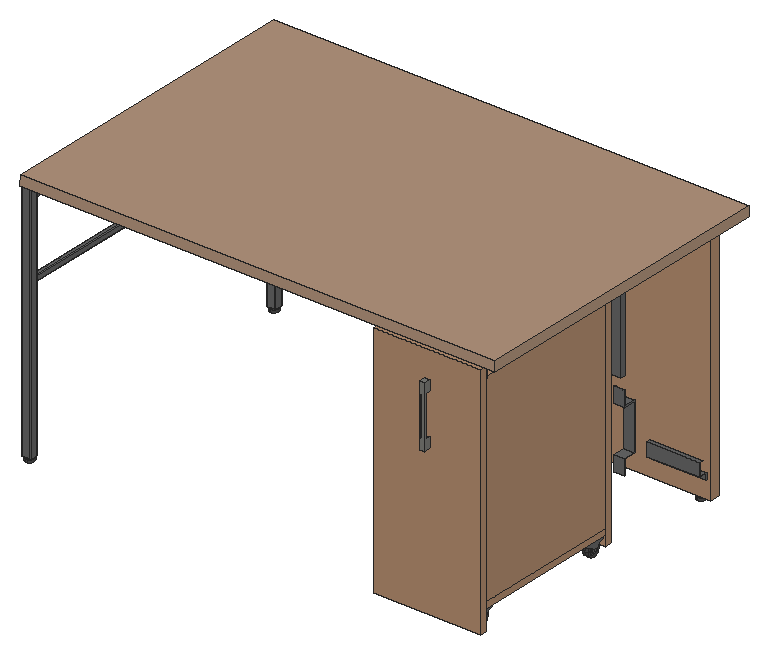
Revit family "Desks-Teknion-LWBDP_Byward_Desk_with_Pedestal-R2022", category Furniture, Revit 2022
Family settings
  OmniClass Number = 23.40.20.00
  OmniClass Title = General Furniture and Specialties
  Work Plane-Based = No
  Always vertical = Yes
  Cut with Voids When Loaded = No
  Render Appearance Source = Family Geometry
  Shared = Yes
  Room Calculation Point = No
Parameters (values of type "Rectangular Pull")
  Worksurface Finish [instance] = Source Laminate - Teknion - 3M - Provincial Oak (Cross Grain)
  Width [instance] = 54.000"
  Warranty = "http://www.teknion.com/ca/papers/legal-canada"
  Unit Weight URL = "http://www.teknion.com/ca/tools/assets#&asset=bee6a381-b954-425e-8283-5a2de3a804f2,f828d448-4b62-4231-9e5f-9a8991c0ed77"
  URL = "www.teknion.com"
  To render please download texture images found here [instance] = "https://assets.teknion.com/web/5e81352c1dfdb467/revit-material-swatches/"
  Sustainability Data = "https://www.teknion.com/ca/tools/assets#&topic=216f99a5-57a0-44fc-b10a-9dee9b29ae4c&asset=444deb64-fe58-4b68-981e-f75e97781df7,b4ff2d81-9f2e-437d-9659-7cffb09c31cf"
  Storage Back = 4.060"
  Series = "Byward"  # constant formula
  Rectangular Pull Handle = yes
  Modern Straight (ADA) Handle = no
  Journal Pull Handle = no
  Product Page URL = "https://www.teknion.com/ca/products/product-details?productLineId=87d0476f-8e7a-673b-a6c8-ff05004460c4"
  Product Line = "Byward"  # constant formula
  Product Documentation Link = "https://assets.teknion.com/m/d3f7903c0f9c31f/original/Byward-Reference-Guide.pdf"
  Part Number = "LWBDP"  # constant formula
  Modesty Panel & Pedestal Finish [instance] = Foundation Laminate - Teknion - YA - Anigre
  Model = "LWBDP_____"
  Metal Tab = 6.783"
  Manufacturer Phone = "416-661-3370"  # constant formula
  Manufacturer Fax = "416.661.4586"  # constant formula
  Manufacturer Contact Information = "http://www.teknion.com/ca/contactus"
  Manufacturer Address = "1150 Flint Road, Toronto, ON. M3J 2J5. Canada"  # constant formula
  Manufacturer = "Teknion"  # constant formula
  Byward Pull Handle = no
  How To Use Teknion Materials User Guide [instance] = "https://assets.teknion.com/m/205dd0a49fa58060/original/How-to-add-a-Material-Library-and-Texture-Images-to-your-Revit-project.pdf"
  Handle Paint Finish [instance] = Paint - Teknion - Mica - Anthracite
  Handle Leather Finish [instance] = Leather-Teknion-N68-Natural
  Handle Finish Note [instance] = "If Natural Leather is specified for the Handle Leather Finish, choose Anthracite for the Handle Paint Finish. If Black Leather is specified for the Handle Leather Finish, choose Titanium Grey for the Handle Paint Finish."  # constant formula
  Gable Cutout = 2.440"
  For Additional Finishes please visit [instance] = "https://assets.teknion.com/m/44a8009b046e5d47/original/Teknion_Materials_Library.zip"
  Description = "Byward Desk with Pedestal, Rectangular Pull Handle"
  Depth [instance] = 36.000"
  Default Elevation = 0.000"
  Available Widths [instance] = "54\", 60\", 66\" and 72\""  # constant formula
  Available Depth [instance] = "24\", 30\" and 36\""  # constant formula
  Assembly Code = "E2020200"
Reference planes (in)
  plane 1 "Center Front/Back": y = 0
  plane 2: z = 0
  plane 3 "Center Left/Right": x = 0
  plane 4 "Left": x = -27
  plane 5 "Right": x = 27
  plane 6 "Back": y = 18
  plane 7 "Front": y = -18
  plane 8 "Top": z = 29.0595
  plane 9: y = 13.94
  plane 10: y = -15.63529
  plane 11: y = 0.14424
  plane 12 "Wheel Center": z = 0.7874
Forms (in)
  Sweep 1, solid, material "Source Laminate - Teknion - 3M - Provincial Oak (Cross Grain)" <- "Worksurface Finish"
    path origin (0, 0, 0) x (1, 0, 0) y (0, 0, 1)
      loop
        line (0, 27.9995) -> (0, 29.0595)
    profile origin (0, 0, 28.5295) x (-1, 0, 0) y (0, -1, 0)
      loop
        line (27, 18) -> (-27, 18) -> (-27, -18) -> (27, -18) -> (27, 18)
  Sweep 2, solid, material "Foundation Laminate - Teknion - YA - Anigre" <- "Modesty Panel & Pedestal Finish"
    path origin (0, 0, 0) x (1, 0, 0) y (0, 1, 0)
      loop
        line (0, 13.75) -> (0, 12.69)
    profile origin (0, 13.22, 0) x (1, 0, 0) y (0, 0, 1)
      loop
        line (-25.9, 17.9995) -> (12.9941, 17.9995) -> (12.9941, 27.9995) -> (5, 27.9995)
        arc (5, 27.9995) -> (4.03175, 27.83895) -> (3.16714, 27.3745) r 3
        arc (3.16714, 27.3745) -> (2.30253, 26.91005) -> (1.33428, 26.7495) r 3
        line (1.33428, 26.7495) -> (-1.33428, 26.7495)
        arc (-1.33428, 26.7495) -> (-2.30253, 26.91005) -> (-3.16714, 27.3745) r 3
        arc (-3.16714, 27.3745) -> (-4.03175, 27.83895) -> (-5, 27.9995) r 3
        line (-5, 27.9995) -> (-21.25208, 27.9995)
        arc (-21.25208, 27.9995) -> (-21.86446, 27.93634) -> (-22.45104, 27.7495) r 3
        arc (-22.45104, 27.7495) -> (-23.03763, 27.56266) -> (-23.65, 27.4995) r 3
        line (-23.65, 27.4995) -> (-25.9, 27.4995) -> (-25.9, 17.9995)
  Sweep 3, solid, material "Foundation Laminate - Teknion - YA - Anigre" <- "Modesty Panel & Pedestal Finish"
    path origin (0, 0, 0) x (1, 0, 0) y (0, 1, 0)
      loop
        line (13, 0) -> (14.06, 0)
    profile origin (13.53, 0, 0) x (0, 1, 0) y (0, 0, 1)
      loop
        line (13.94, 27.9995) -> (5.94, 27.9995) -> (5.94, 27.2495)
        arc (5.94, 27.2495) -> (5.79355, 26.89595) -> (5.44, 26.7495) r 0.5
        line (5.44, 26.7495) -> (2.94, 26.7495)
        arc (2.94, 26.7495) -> (2.58645, 26.89595) -> (2.44, 27.2495) r 0.5
        line (2.44, 27.2495) -> (2.44, 27.9995) -> (-17, 27.9995) -> (-17, 0.4995) -> (13.94, 0.4995) -> (13.94, 27.9995)
  Sweep 4, solid, material "Paint-Teknion-23-Z-Foundation-Foundry Onyx"
    path origin (0, 0, 0) x (1, 0, 0) y (0, 0, 1)
      loop
        line (0, 0.4375) -> (0, 27.9995)
    profile origin (0, 0, 14.2185) x (-1, 0, 0) y (0, -1, 0)
      loop
        arc (26.81, 16.9) -> (26.87364, 16.92636) -> (26.9, 16.99) r 0.09
        line (26.9, 16.99) -> (26.9, 17.81)
        arc (26.9, 17.81) -> (26.87364, 17.87364) -> (26.81, 17.9) r 0.09
        line (26.81, 17.9) -> (25.99, 17.9)
        arc (25.99, 17.9) -> (25.92636, 17.87364) -> (25.9, 17.81) r 0.09
        line (25.9, 17.81) -> (25.9, 16.99)
        arc (25.9, 16.99) -> (25.92636, 16.92636) -> (25.99, 16.9) r 0.09
        line (25.99, 16.9) -> (26.81, 16.9)
      loop
        arc (26.81, -17.9) -> (26.87364, -17.87364) -> (26.9, -17.81) r 0.09
        line (26.9, -17.81) -> (26.9, -16.99)
        arc (26.9, -16.99) -> (26.87364, -16.92636) -> (26.81, -16.9) r 0.09
        line (26.81, -16.9) -> (25.99, -16.9)
        arc (25.99, -16.9) -> (25.92636, -16.92636) -> (25.9, -16.99) r 0.09
        line (25.9, -16.99) -> (25.9, -17.81)
        arc (25.9, -17.81) -> (25.92636, -17.87364) -> (25.99, -17.9) r 0.09
        line (25.99, -17.9) -> (26.81, -17.9)
  Sweep 5, solid, material "Paint-Teknion-23-Z-Foundation-Foundry Onyx"
    path origin (0, 0, 0) x (1, 0, 0) y (0, 1, 0)
      loop
        line (0, -16.9) -> (0, 16.9)
    profile origin (0, 0, 0) x (-1, 0, 0) y (0, 0, 1)
      loop
        arc (26.1775, 18.5935) -> (26.11386, 18.56714) -> (26.0875, 18.5035) r 0.09
        line (26.0875, 18.5035) -> (26.0875, 18.0585)
        arc (26.0875, 18.0585) -> (26.11386, 17.99486) -> (26.1775, 17.9685) r 0.09
        line (26.1775, 17.9685) -> (26.6225, 17.9685)
        arc (26.6225, 17.9685) -> (26.68614, 17.99486) -> (26.7125, 18.0585) r 0.09
        line (26.7125, 18.0585) -> (26.7125, 18.5035)
        arc (26.7125, 18.5035) -> (26.68614, 18.56714) -> (26.6225, 18.5935) r 0.09
        line (26.6225, 18.5935) -> (26.1775, 18.5935)
  Sweep 6, solid, material "Paint-Teknion-23-Z-Foundation-Foundry Onyx"
    path origin (0, 0, 0) x (1, 0, 0) y (0, 0, 1)
      loop
        line (0, 17.9085) -> (0, 17.9685)
    profile origin (0, 0, 17.9385) x (-1, 0, 0) y (0, -1, 0)
      loop
        line (24.744, -7.658) -> (26.181, -7.658) -> (26.181, -7.8455)
        arc (26.181, -7.8455) -> (26.21761, -7.93389) -> (26.306, -7.9705) r 0.125
        line (26.306, -7.9705) -> (26.494, -7.9705)
        arc (26.494, -7.9705) -> (26.58239, -7.93389) -> (26.619, -7.8455) r 0.125
        line (26.619, -7.8455) -> (26.619, -6.5955)
        arc (26.619, -6.5955) -> (26.58239, -6.50711) -> (26.494, -6.4705) r 0.125
        line (26.494, -6.4705) -> (26.306, -6.4705)
        arc (26.306, -6.4705) -> (26.21761, -6.50711) -> (26.181, -6.5955) r 0.125
        line (26.181, -6.5955) -> (26.181, -6.783) -> (24.744, -6.783)
        arc (24.744, -6.783) -> (24.65561, -6.81961) -> (24.619, -6.908) r 0.125
        line (24.619, -6.908) -> (24.619, -7.533)
        arc (24.619, -7.533) -> (24.65561, -7.62139) -> (24.744, -7.658) r 0.125
  Sweep 7, solid, material "Paint-Teknion-23-Z-Foundation-Foundry Onyx"
    path origin (0, 0, 0) x (1, 0, 0) y (0, 1, 0)
      loop
        line (0, -16.9) -> (0, 16.9)
    profile origin (0, 0, 0) x (-1, 0, 0) y (0, 0, 1)
      loop
        line (26.7125, 26.2495) -> (26.7125, 27.7315)
        arc (26.7125, 27.7315) -> (26.634, 27.921) -> (26.4445, 27.9995) r 0.268
        line (26.4445, 27.9995) -> (22.4625, 27.9995) -> (22.4625, 27.8655) -> (26.4445, 27.8655)
        arc (26.4445, 27.8655) -> (26.53925, 27.82625) -> (26.5785, 27.7315) r 0.134
        line (26.5785, 27.7315) -> (26.5785, 26.2495) -> (26.7125, 26.2495)
  Sweep 8, void
    path origin (0, 0, 0) x (1, 0, 0) y (0, 0, 1)
      loop
        line (0, 27.9995) -> (0, 26.4995)
    profile origin (0, 0, 27.2495) x (0, -1, 0) y (1, 0, 0)
      loop
        arc (-15.78962, -23.37162) -> (-15.23664, -22.71024) -> (-14.41091, -22.4625) r 1.5
        line (-14.41091, -22.4625) -> (-16.9, -22.4625) -> (-16.9, -25.9625) -> (-15.78962, -23.37162)
      loop
        line (16.9, -25.9625) -> (16.9, -22.4625) -> (14.41091, -22.4625)
        arc (14.41091, -22.4625) -> (15.23664, -22.71024) -> (15.78962, -23.37162) r 1.5
        line (15.78962, -23.37162) -> (16.9, -25.9625)
  Sweep 9, solid, material "Paint-Teknion-23-Z-Foundation-Foundry Onyx"
    path origin (0, 0, 0) x (1, 0, 0) y (0, 1, 0)
      loop
        line (0, 14.365) -> (0, 14.231)
    profile origin (0, 14.298, 0) x (1, 0, 0) y (0, 0, 1)
      loop
        line (-26.3905, 26.3655) -> (-23.5785, 27.6775) -> (-23.5785, 27.8655) -> (-25.0155, 27.8655) -> (-25.0155, 27.9595) -> (-25.3905, 27.9595) -> (-25.3905, 27.8655) -> (-26.3905, 27.8655) -> (-26.5785, 27.6775) -> (-26.5785, 26.3655) -> (-26.3905, 26.3655)
  Sweep 10, solid, material "Paint-Teknion-23-Z-Foundation-Foundry Onyx"
    path origin (0, 0, 0) x (1, 0, 0) y (0, 1, 0)
      loop
        line (0, -14.365) -> (0, -14.231)
    profile origin (0, -14.298, 0) x (-1, 0, 0) y (0, 0, 1)
      loop
        line (26.3905, 26.3655) -> (26.5785, 26.3655) -> (26.5785, 27.6775) -> (26.3905, 27.8655) -> (25.3905, 27.8655) -> (25.3905, 27.9595) -> (25.0155, 27.9595) -> (25.0155, 27.8655) -> (23.5785, 27.8655) -> (23.5785, 27.6775) -> (26.3905, 26.3655)
  Sweep 11, solid, material "Paint-Teknion-23-Z-Foundation-Foundry Onyx"
    path origin (0, 0, 0) x (1, 0, 0) y (0, 0, 1)
      loop
        line (0, 0.4395) -> (0, 0.4995)
    profile origin (0, 0, 0.4695) x (-1, 0, 0) y (0, -1, 0)
      loop
        line (-13.1363, 13.5315) -> (-13.1363, 16.6811) -> (-13.9237, 16.6811) -> (-13.9237, 13.5315) -> (-13.1363, 13.5315)
      loop
        line (-13.1363, -10.4715) -> (-13.9237, -10.4715) -> (-13.9237, -13.6211) -> (-13.1363, -13.6211) -> (-13.1363, -10.4715)
      loop
        line (-22.5315, -14.0763) -> (-25.6811, -14.0763) -> (-25.6811, -14.8637) -> (-22.5315, -14.8637) -> (-22.5315, -14.0763)
  Sweep 12, solid, material "Plastic - Teknion - E - Ebony"
    path origin (0, 0, 0) x (1, 0, 0) y (0, 0, 1)
      loop
        line (0, 0.215) -> (0, 0)
    profile origin (0, 0, 0.1075) x (0, -1, 0) y (1, 0, 0)
      loop
        circle (17.4, -26.4) r 0.5
      loop
        circle (-17.4, -26.4) r 0.5
      loop
        circle (-12.4375, 13.52447) r 0.5
      loop
        circle (15.50314, 13.52447) r 0.5
      loop
        circle (-14.46998, 24.49945) r 0.5
  Sweep 13, solid, material "Plastic - Teknion - E - Ebony"
    path origin (0, 0, 0) x (1, 0, 0) y (0, 0, 1)
      loop
        line (0, 0.215) -> (0, 0.4375)
    profile origin (0, 0, 0.32625) x (-1, 0, 0) y (0, -1, 0)
      loop
        line (26.715, 17.21813) -> (26.715, 17.58187) -> (26.4, 17.76373) -> (26.085, 17.58187) -> (26.085, 17.21813) -> (26.4, 17.03627) -> (26.715, 17.21813)
      loop
        line (26.715, -17.58187) -> (26.715, -17.21813) -> (26.4, -17.03627) -> (26.085, -17.21813) -> (26.085, -17.58187) -> (26.4, -17.76373) -> (26.715, -17.58187)
      loop
        line (-13.21495, -12.62185) -> (-13.21495, -12.25812) -> (-13.52995, -12.07625) -> (-13.84495, -12.25812) -> (-13.84495, -12.62185) -> (-13.52995, -12.80371) -> (-13.21495, -12.62185)
      loop
        line (-13.21495, 15.31757) -> (-13.21495, 15.68131) -> (-13.52995, 15.86317) -> (-13.84495, 15.68131) -> (-13.84495, 15.31757) -> (-13.52995, 15.13571) -> (-13.21495, 15.31757)
      loop
        line (-24.18495, -14.65185) -> (-24.18495, -14.28812) -> (-24.49995, -14.10625) -> (-24.81495, -14.28812) -> (-24.81495, -14.65185) -> (-24.49995, -14.83371) -> (-24.18495, -14.65185)
  Sweep 14, solid, material "Foundation Laminate - Teknion - YA - Anigre" <- "Modesty Panel & Pedestal Finish"
    path origin (0, 0, 0) x (1, 0, 0) y (0, 0, 1)
      loop
        line (0, 0.4995) -> (0, 27.9995)
    profile origin (0, 0, 14.2495) x (-1, 0, 0) y (0, -1, 0)
      loop
        line (-26, -15) -> (-13, -15) -> (-13, -13.94) -> (-26, -13.94) -> (-26, -15)
  Sweep 15, solid, material "Foundation Laminate - Teknion - YA - Anigre" <- "Modesty Panel & Pedestal Finish"
    path origin (0, 0, 0) x (1, 0, 0) y (0, 0, 1)
      loop
        line (0, 0.56791) -> (0, 26.31791)
    profile origin (0, 0, 13.44291) x (-1, 0, 0) y (0, -1, 0)
      loop
        line (-14.25, -2.25447) -> (-14.25, -1.54975) -> (-24, -1.54975) -> (-24, -2.25447) -> (-14.25, -2.25447)
  Sweep 16, solid, material "Foundation Laminate - Teknion - YA - Anigre" <- "Modesty Panel & Pedestal Finish"
    path origin (0, 0, 0) x (1, 0, 0) y (0, 1, 0)
      loop
        line (0, -17.07525) -> (0, 1.54975)
    profile origin (0, -7.76275, 0) x (-1, 0, 0) y (0, 0, 1)
      loop
        line (-23.29528, 25.31791) -> (-24, 25.31791) -> (-24, 2.39764) -> (-23.29528, 2.39764) -> (-23.29528, 25.31791)
      loop
        line (-14.25, 2.89764) -> (-14.95472, 2.89764) -> (-14.95472, 0.56791) -> (-14.25, 0.56791) -> (-14.25, 2.89764)
  Sweep 17, solid, material "Foundation Laminate - Teknion - YA - Anigre" <- "Modesty Panel & Pedestal Finish"
    path origin (0, 0, 0) x (1, 0, 0) y (0, 1, 0)
      loop
        line (0, -17.07525) -> (0, 1.54975)
    profile origin (0, -7.76275, 0) x (-1, 0, 0) y (0, 0, 1)
      loop
        line (-24, 2.39764) -> (-24, 1.69291) -> (-14.95472, 1.69291) -> (-14.95472, 2.39764) -> (-24, 2.39764)
      loop
        line (-23.29528, 21.56791) -> (-23.29528, 20.86319) -> (-14.501, 20.86319) -> (-14.501, 21.56791) -> (-23.29528, 21.56791)
  Sweep 18, solid, material "Foundation Laminate - Teknion - YA - Anigre" <- "Modesty Panel & Pedestal Finish"
    path origin (0, 0, 0) x (1, 0, 0) y (0, 1, 0)
      loop
        line (0, -17.77998) -> (0, -17.07525)
    profile origin (0, -17.42761, 0) x (-1, 0, 0) y (0, 0, 1)
      loop
        line (-25.25, 27.49991) -> (-25.25, 0.4995) -> (-13, 0.4995) -> (-13, 27.49991) -> (-25.25, 27.49991)
  Sweep 19, solid, material "Paint-Teknion-23-Z-Foundation-Foundry Onyx"
    path origin (0, 0, 0) x (1, 0, 0) y (0, 1, 0)
      loop
        line (14.06, 0) -> (25.2278, 0)
    profile origin (19.6439, 0, 0) x (0, 1, 0) y (0, 0, 1)
      loop
        line (-16.25, 27.9995) -> (-16.9, 27.9995)
        arc (-16.9, 27.9995) -> (-16.97071, 27.97021) -> (-17, 27.8995) r 0.1
        line (-17, 27.8995) -> (-17, 26.2495) -> (-16.9393, 26.2495) -> (-16.9393, 27.8895)
        arc (-16.9393, 27.8895) -> (-16.92466, 27.92486) -> (-16.8893, 27.9395) r 0.05
        line (-16.8893, 27.9395) -> (-16.25, 27.9395) -> (-16.25, 27.9995)
  Sweep 20, solid, material "Paint-Teknion-23-Z-Foundation-Foundry Onyx"
    path origin (0, 0, 0) x (1, 0, 0) y (0, 1, 0)
      loop
        line (0, 1.54975) -> (0, -18)
    profile origin (0, -8.22513, 0) x (1, 0, 0) y (0, 0, 1)
      loop
        line (15.1624, 0) -> (15.1624, 1.63386) -> (15.99705, 1.63386) -> (15.99705, 0) -> (16.0561, 0) -> (16.0561, 1.69291) -> (15.10335, 1.69291) -> (15.10335, 0) -> (15.1624, 0)
      loop
        line (22.95768, 0) -> (22.95768, 1.63386) -> (23.79232, 1.63386) -> (23.79232, 0) -> (23.85138, 0) -> (23.85138, 1.69291) -> (22.89862, 1.69291) -> (22.89862, 0) -> (22.95768, 0)
  Sweep 21, void
    path origin (0, 0, 0) x (1, 0, 0) y (0, 1, 0)
      loop
        line (13, 0) -> (27, 0)
    profile origin (20, 0, 0) x (0, 1, 0) y (0, 0, 1)
      loop
        line (1.28991, 1.69291) -> (1.28991, 1.47446)
        arc (1.28991, 1.47446) -> (1.27394, 1.43408) -> (1.23468, 1.41553) r 0.05906
        arc (1.23468, 1.41553) -> (0.74434, 1.21975) -> (0.46349, 0.77266) r 0.85204
        arc (0.46349, 0.77266) -> (0.14424, 0.52362) -> (-0.17501, 0.77266) r 0.32915
        arc (-0.17501, 0.77266) -> (-0.45586, 1.21975) -> (-0.9462, 1.41553) r 0.85204
        arc (-0.9462, 1.41553) -> (-0.98547, 1.43408) -> (-1.00143, 1.47446) r 0.05906
        line (-1.00143, 1.47446) -> (-1.00143, 1.69291) -> (-14.48962, 1.69291) -> (-14.48962, 1.47446)
        arc (-14.48962, 1.47446) -> (-14.50559, 1.43408) -> (-14.54485, 1.41553) r 0.05906
        arc (-14.54485, 1.41553) -> (-15.03519, 1.21975) -> (-15.31604, 0.77266) r 0.85204
        arc (-15.31604, 0.77266) -> (-15.63529, 0.52362) -> (-15.95454, 0.77266) r 0.32915
        arc (-15.95454, 0.77266) -> (-16.23539, 1.21975) -> (-16.72573, 1.41553) r 0.85204
        arc (-16.72573, 1.41553) -> (-16.76499, 1.43408) -> (-16.78096, 1.47446) r 0.05906
        line (-16.78096, 1.47446) -> (-16.78096, 1.69291) -> (-18, 1.69291) -> (-18, 0) -> (1.54975, 0) -> (1.54975, 1.69291) -> (1.28991, 1.69291)
  Sweep 22, solid, material "Paint-Teknion-23-Z-Foundation-Foundry Onyx"
    path origin (0, 0, 0) x (1, 0, 0) y (0, 0, 1)
      loop
        line (0, 26.4995) -> (0, 27.9995)
    profile origin (0, 0, 27.2495) x (-1, 0, 0) y (0, -1, 0)
      loop
        line (-19.6413, 16.157) -> (-19.6413, -3.783) -> (-19.5813, -3.783) -> (-19.5813, 16.217) -> (-21.3403, 16.217) -> (-21.3403, -3.783) -> (-21.2803, -3.783) -> (-21.2803, 16.157) -> (-19.6413, 16.157)
  Sweep 23, solid, material "Paint-Teknion-23-Z-Foundation-Foundry Onyx"
    path origin (0, 0, 0) x (1, 0, 0) y (0, 1, 0)
      loop
        line (0, 3.783) -> (0, -16.217)
    profile origin (0, -6.217, 0) x (1, 0, 0) y (0, 0, 1)
      loop
        line (19.5813, 27.9995) -> (19.5813, 27.9395) -> (21.3403, 27.9395) -> (21.3403, 27.9995) -> (19.5813, 27.9995)
  Sweep 24, solid, material "Paint-Teknion-23-Z-Foundation-Foundry Onyx"
    path origin (0, 0, 0) x (1, 0, 0) y (0, 0, 1)
      loop
        line (0, 27.6385) -> (0, 23.6385)
    profile origin (0, 0, 25.6385) x (0, -1, 0) y (1, 0, 0)
      loop
        line (-3.625, 19.7708) -> (-3.625, 19.7108) -> (-2.25, 19.7108) -> (-2.25, 21.2108) -> (-3.625, 21.2108) -> (-3.625, 21.1508) -> (-2.31, 21.1508) -> (-2.31, 19.7708) -> (-3.625, 19.7708)
  Revolve 25, solid, material "Plastic - Teknion - E - Ebony"
    sketch origin (0, 0, 0.7874) x (0, -1, 0) y (1, 0, 0)
      loop
        line (14.85961, 15.24508) -> (15.00536, 15.24508) -> (15.03919, 15.52067) -> (15.39461, 15.52067) -> (15.41872, 15.24508) -> (15.63529, 15.24508) -> (15.63529, 15.9143) -> (15.41872, 15.9143) -> (15.39461, 15.63871) -> (15.03919, 15.63871) -> (15.00536, 15.9143) -> (14.85961, 15.9143) -> (14.84759, 15.57969) -> (14.85961, 15.24508)
      loop
        line (14.85961, 23.04035) -> (15.00536, 23.04035) -> (15.03919, 23.31594) -> (15.39461, 23.31594) -> (15.41872, 23.04035) -> (15.63529, 23.04035) -> (15.63529, 23.70957) -> (15.41872, 23.70957) -> (15.39461, 23.43398) -> (15.03919, 23.43398) -> (15.00536, 23.70957) -> (14.85961, 23.70957) -> (14.84759, 23.37496) -> (14.85961, 23.04035)
      axis (15.63529, 15.24508) -> (15.63529, 23.70957)
    angle from 0 to 360
  Revolve 26, solid, material "Plastic - Teknion - E - Ebony"
    sketch origin (0, 0, 0.7874) x (0, -1, 0) y (1, 0, 0)
      loop
        line (-0.91991, 15.24508) -> (-0.77417, 15.24508) -> (-0.74033, 15.52067) -> (-0.38492, 15.52067) -> (-0.36081, 15.24508) -> (-0.14424, 15.24508) -> (-0.14424, 15.9143) -> (-0.36081, 15.9143) -> (-0.38492, 15.63871) -> (-0.74033, 15.63871) -> (-0.77417, 15.9143) -> (-0.91991, 15.9143) -> (-0.93194, 15.57969) -> (-0.91991, 15.24508)
      loop
        line (-0.91991, 23.04035) -> (-0.77417, 23.04035) -> (-0.74033, 23.31594) -> (-0.38492, 23.31594) -> (-0.36081, 23.04035) -> (-0.14424, 23.04035) -> (-0.14424, 23.70957) -> (-0.36081, 23.70957) -> (-0.38492, 23.43398) -> (-0.74033, 23.43398) -> (-0.77417, 23.70957) -> (-0.91991, 23.70957) -> (-0.93194, 23.37496) -> (-0.91991, 23.04035)
      axis (-0.14424, 15.24508) -> (-0.14424, 23.70957)
    angle from 0 to 360
  Sweep 27, solid, material "Paint-Teknion-23-Z-Foundation-Foundry Onyx"
    path origin (0, 0, 0.7874) x (0, -1, 0) y (1, 0, 0)
      loop
        line (0, 22.83957) -> (0, 23.91036)
    profile origin (23.37496, 0, 0.7874) x (0, 1, 0) y (0, 0, 1)
      loop
        circle (0.14424, 0) r 0.1
      loop
        circle (-15.63529, 0) r 0.1
  Sweep 28, solid, material "Paint-Teknion-23-Z-Foundation-Foundry Onyx"
    path origin (0, 0, 0.7874) x (0, -1, 0) y (1, 0, 0)
      loop
        line (0, 15.04429) -> (0, 16.11509)
    profile origin (15.57969, 0, 0.7874) x (0, 1, 0) y (0, 0, 1)
      loop
        circle (0.14424, 0) r 0.1
      loop
        circle (-15.63529, 0) r 0.1
  Sweep 29, solid, material "Leather-Teknion-N68-Natural" <- "Handle Leather Finish", visible <- "Byward Pull Handle"
    path origin (0, 6.09972, 0.7874) x (0, -1, 0) y (1, 0, 0)
      loop
        line (6, 18.625) -> (6, 19.625)
    profile origin (19.125, 0.09972, 0.7874) x (0, 1, 0) y (0, 0, 1)
      loop
        line (-18.1947, 17.25949) -> (-18.1947, 16.56214)
        arc (-18.1947, 16.56214) -> (-18.15679, 16.47063) -> (-18.06527, 16.43272) r 0.12943
        line (-18.06527, 16.43272) -> (-18.00913, 16.43272)
        arc (-18.00913, 16.43272) -> (-17.91544, 16.47279) -> (-17.8797, 16.56821) r 0.12956
        line (-17.8797, 16.56821) -> (-17.8797, 17.25949) -> (-17.97813, 17.25949) -> (-17.97813, 16.56214)
        arc (-17.97813, 16.56214) -> (-17.9872, 16.54022) -> (-18.00913, 16.53114) r 0.031
        line (-18.00913, 16.53114) -> (-18.06527, 16.53114)
        arc (-18.06527, 16.53114) -> (-18.0872, 16.54022) -> (-18.09627, 16.56214) r 0.031
        line (-18.09627, 16.56214) -> (-18.09627, 17.25949) -> (-18.11823, 17.82483)
        spline (-18.11823, 17.82483) -> (-18.1996, 18.48945) -> (-18.24784, 18.89602) -> (-18.27391, 19.14542) -> (-18.2887, 19.33795) -> (-18.29939, 19.53776) -> (-18.30725, 19.75149) -> (-18.31302, 19.98067) -> (-18.3155, 20.23483) -> (-18.3067, 20.55101) -> (-18.27717, 20.97214) -> (-18.2175, 21.54114) -> (-18.11823, 22.30095)
        line (-18.11823, 22.30095) -> (-18.0967, 22.86433) -> (-18.0967, 23.5625)
        arc (-18.0967, 23.5625) -> (-18.0875, 23.58472) -> (-18.06527, 23.59392) r 0.03143
        line (-18.06527, 23.59392) -> (-18.00913, 23.59392)
        arc (-18.00913, 23.59392) -> (-17.9869, 23.58472) -> (-17.9777, 23.5625) r 0.03143
        line (-17.9777, 23.5625) -> (-17.9777, 22.86558) -> (-17.8797, 22.86558) -> (-17.8797, 23.54792)
        arc (-17.8797, 23.54792) -> (-17.91216, 23.64904) -> (-18.00913, 23.69235) r 0.1302
        line (-18.00913, 23.69235) -> (-18.06527, 23.69235)
        arc (-18.06527, 23.69235) -> (-18.16224, 23.64904) -> (-18.1947, 23.54792) r 0.1302
        line (-18.1947, 23.54792) -> (-18.1947, 22.87546) -> (-18.21666, 22.30095)
        spline (-18.21666, 22.30095) -> (-18.31592, 21.54114) -> (-18.3756, 20.97214) -> (-18.40512, 20.55101) -> (-18.41393, 20.23483) -> (-18.41145, 19.98067) -> (-18.40567, 19.75149) -> (-18.39782, 19.53776) -> (-18.38713, 19.33795) -> (-18.37234, 19.14542) -> (-18.34627, 18.89602) -> (-18.29802, 18.48945) -> (-18.21666, 17.82483)
        line (-18.21666, 17.82483) -> (-18.1947, 17.25949)
  Sweep 30, solid, material "Paint - Teknion - Mica - Anthracite" <- "Handle Paint Finish", visible <- "Byward Pull Handle"
    path origin (0, 0, 0) x (1, 0, 0) y (0, 1, 0)
      loop
        line (18.625, -17.77998) -> (18.625, -18.09525) -> (19.625, -18.09525) -> (19.625, -17.77998)
    profile origin (19.125, -18.09525, 0) x (0, 1, 0) y (0, 0, 1)
      loop
        spline (-0.15539, 24.25384) -> (-0.15002, 24.20917) -> (-0.14562, 24.16493) -> (-0.1422, 24.12111) -> (-0.13975, 24.07772) -> (-0.13828, 24.03476) -> (-0.1378, 23.99222) -> (-0.13828, 23.95011) -> (-0.13975, 23.90843) -> (-0.1422, 23.86718) -> (-0.14562, 23.82635) -> (-0.15002, 23.78595) -> (-0.15539, 23.74598)
        line (-0.15539, 23.74598) -> (-0.09815, 23.74448) -> (-0.09815, 23.66626) -> (-0.02024, 23.66422) -> (-0.02024, 24.33561) -> (-0.09815, 24.33357) -> (-0.09815, 24.25534) -> (-0.15539, 24.25384)
      loop
        spline (-0.15539, 17.95507) -> (-0.15002, 17.9104) -> (-0.14562, 17.86615) -> (-0.1422, 17.82234) -> (-0.13975, 17.77895) -> (-0.13828, 17.73598) -> (-0.1378, 17.69345) -> (-0.13828, 17.65134) -> (-0.13975, 17.60966) -> (-0.1422, 17.56841) -> (-0.14562, 17.52758) -> (-0.15002, 17.48718) -> (-0.15539, 17.44721)
        line (-0.15539, 17.44721) -> (-0.09815, 17.44571) -> (-0.09815, 17.36749) -> (-0.02024, 17.36545) -> (-0.02024, 18.03684) -> (-0.09815, 18.0348) -> (-0.09815, 17.95657) -> (-0.15539, 17.95507)
  Sweep 31, solid, material "Paint-Teknion-23-Z-Foundation-Foundry Onyx"
    path origin (0, 0, 0) x (1, 0, 0) y (0, 0, 1)
      loop
        line (0, 9.9995) -> (0, 25.9995)
    profile origin (0, 0, 17.9995) x (-1, 0, 0) y (0, -1, 0)
      loop
        line (-16.3528, -13.1917) -> (-14.9248, -13.1917) -> (-14.9248, -14.1557) -> (-14.1748, -14.1557) -> (-14.1748, -14.1197) -> (-14.8888, -14.1197) -> (-14.8888, -13.1557) -> (-16.3888, -13.1557) -> (-16.3888, -13.6557) -> (-16.3528, -13.6557) -> (-16.3528, -13.1917)
  Sweep 32, solid, material "Paint-Teknion-23-Z-Foundation-Foundry Onyx"
    path origin (0, 0, 0) x (1, 0, 0) y (0, 1, 0)
      loop
        line (16.1248, 0) -> (17.3748, 0)
    profile origin (16.7498, 0, 0) x (0, 1, 0) y (0, 0, 1)
      loop
        line (12.515, 7.6995) -> (12.515, 9.3745) -> (12.44, 9.3745) -> (12.44, 7.6245) -> (13.865, 7.6245) -> (13.865, 2.3745) -> (12.44, 2.3745) -> (12.44, 0.6245) -> (12.515, 0.6245) -> (12.515, 2.2995) -> (13.94, 2.2995) -> (13.94, 7.6995) -> (12.515, 7.6995)
  Sweep 33, solid, material "Paint-Teknion-23-Z-Foundation-Foundry Onyx"
    path origin (0, 0, 0) x (1, 0, 0) y (0, 1, 0)
      loop
        line (19.4998, 0) -> (25.4998, 0)
    profile origin (22.4998, 0, 0) x (0, 1, 0) y (0, 0, 1)
      loop
        line (13.44, 4.6385) -> (12.94, 4.6385) -> (12.94, 3.1385) -> (13.904, 3.1385) -> (13.904, 2.4245) -> (13.94, 2.4245) -> (13.94, 3.1745) -> (12.976, 3.1745) -> (12.976, 4.6025) -> (13.44, 4.6025) -> (13.44, 4.6385)
  Sweep 34, solid, material "Paint-Teknion-23-Z-Foundation-Foundry Onyx"
    path origin (0, 0, 0) x (1, 0, 0) y (0, 1, 0)
      loop
        line (0, -17.07525) -> (0, 1.54975)
    profile origin (0, -7.76275, 0) x (-1, 0, 0) y (0, 0, 1)
      loop
        arc (-14.59031, 24.44224) -> (-14.52668, 24.4686) -> (-14.50031, 24.53224) r 0.09
        line (-14.50031, 24.53224) -> (-14.50031, 24.97724)
        arc (-14.50031, 24.97724) -> (-14.52668, 25.04088) -> (-14.59031, 25.06724) r 0.09
        line (-14.59031, 25.06724) -> (-15.03531, 25.06724)
        arc (-15.03531, 25.06724) -> (-15.09895, 25.04088) -> (-15.12531, 24.97724) r 0.09
        line (-15.12531, 24.97724) -> (-15.12531, 24.53224)
        arc (-15.12531, 24.53224) -> (-15.09895, 24.4686) -> (-15.03531, 24.44224) r 0.09
        line (-15.03531, 24.44224) -> (-14.59031, 24.44224)
  Sweep 35, solid, material "Paint - Teknion - Mica - Anthracite" <- "Handle Paint Finish", visible <- "Modern Straight (ADA) Handle"
    path origin (43.65493, -11.29266, -11.10354) x (1, 0, 0) y (0, 1, 0)
      loop
        line (-24.52993, -7.88594) -> (-24.52993, -6.48732)
    profile origin (19.125, -18.47929, -11.10354) x (-1, 0, 0) y (0, 0, 1)
      loop
        arc (0.07877, 28.24016) -> (0.1901, 28.28627) -> (0.23622, 28.39761) r 0.15745
        line (0.23622, 28.39761) -> (0.23622, 35.60239)
        arc (0.23622, 35.60239) -> (0.1901, 35.71373) -> (0.07877, 35.75984) r 0.15745
        line (0.07877, 35.75984) -> (-0.07877, 35.75984)
        arc (-0.07877, 35.75984) -> (-0.1901, 35.71373) -> (-0.23622, 35.60239) r 0.15745
        line (-0.23622, 35.60239) -> (-0.23622, 28.39761)
        arc (-0.23622, 28.39761) -> (-0.1901, 28.28627) -> (-0.07877, 28.24016) r 0.15745
        line (-0.07877, 28.24016) -> (0.07877, 28.24016)
  Sweep 36, void
    path origin (43.65493, -11.29266, -11.10354) x (1, 0, 0) y (0, 1, 0)
      loop
        line (-24.77993, -6.48732) -> (-24.27993, -6.48732)
    profile origin (19.125, -17.77998, -11.10354) x (0, 1, 0) y (0, 0, 1)
      loop
        line (-1.02362, 34.6585) -> (-1.02362, 29.3415)
        arc (-1.02362, 29.3415) -> (-0.93865, 29.13636) -> (-0.7335, 29.05138) r 0.29012
        line (-0.7335, 29.05138) -> (0, 29.03858) -> (0, 34.96142) -> (-0.7335, 34.94862)
        arc (-0.7335, 34.94862) -> (-0.93865, 34.86364) -> (-1.02362, 34.6585) r 0.29012
  Sweep 37, solid, material "Paint - Teknion - Mica - Anthracite" <- "Handle Paint Finish", visible <- "Rectangular Pull Handle"
    path origin (39.43326, -7.77998, -11.07509) x (1, 0, 0) y (0, 0, 1)
      loop
        line (-19.94639, 35.5) -> (-19.94639, 28.5)
    profile origin (19.48687, -7.77998, 20.92491) x (0, -1, 0) y (1, 0, 0)
      loop
        line (10.75, -0.11187) -> (10, -0.10533) -> (10, -0.61842) -> (10.75, -0.61187) -> (10.75, -0.11187)
  Sweep 38, void
    path origin (39.43326, -7.77998, -11.07509) x (1, 0, 0) y (0, 0, 1)
      loop
        line (-19.94639, 29.67539) -> (-19.94639, 34.32461)
    profile origin (19.48687, -7.77998, 20.92491) x (-1, 0, 0) y (0, -1, 0)
      loop
        arc (0.54231, 10.68) -> (0.30055, 10.65778) -> (0.08031, 10.55562) r 0.71197
        line (0.08031, 10.55562) -> (0.08031, 10) -> (0.54824, 10) -> (0.54231, 10.68)
  Sweep 39, solid, material "Paint - Teknion - Mica - Anthracite" <- "Handle Paint Finish", visible <- "Journal Pull Handle"
    path origin (-3.875, -11.31314, 13.34062) x (0, 0, -1) y (0, 1, 0)
      loop
        line (-14.2273, -6.47345) -> (-14.06727, -6.47345)
    profile origin (-3.875, -17.78659, 27.4879) x (1, 0, 0) y (0, 1, 0)
      loop
        spline (27.17469, -0.72565) -> (27.21642, -0.72292) -> (27.25744, -0.71476) -> (27.29704, -0.70132) -> (27.33455, -0.68283) -> (27.36932, -0.65959) -> (27.40077, -0.63202) -> (27.42834, -0.60059) -> (27.45158, -0.56582) -> (27.47008, -0.52832) -> (27.48352, -0.48872) -> (27.49168, -0.44771) -> (27.49441, -0.40599)
        line (27.49441, -0.40599) -> (27.49441, 0.71134) -> (18.50559, 0.71134) -> (18.50559, -0.40597)
        spline (18.50559, -0.40597) -> (18.50832, -0.4477) -> (18.51648, -0.48871) -> (18.52992, -0.52831) -> (18.54842, -0.56581) -> (18.57166, -0.60058) -> (18.59923, -0.63202) -> (18.63068, -0.65959) -> (18.66545, -0.68282) -> (18.70296, -0.70132) -> (18.74256, -0.71476) -> (18.78358, -0.72292) -> (18.82531, -0.72565)
        line (18.82531, -0.72565) -> (27.17469, -0.72565)
Cuts and joins
  Sweep 8 cuts Sweep 7
  Sweep 21 cuts Sweep 20
  joined: Sweep 22, Sweep 23
  Sweep 36 cuts Sweep 1
  Sweep 36 cuts Sweep 35
  Sweep 38 cuts Sweep 37
Lines and regions (in)
  Masking region 1
    outline origin (0, 0, 0) x (1, 0, 0) y (0, 1, 0)
      loop
        line (-27, 18) -> (-27, -18) -> (27, -18) -> (27, 18) -> (-27, 18)
  Masking region 2, visible <- "Modern Straight (ADA) Handle"
    outline origin (0, 0, 0) x (1, 0, 0) y (0, 1, 0)
      loop
        line (19.36122, -19.1786) -> (19.36122, -17.77998) -> (18.88878, -17.77998) -> (18.88878, -19.1786) -> (19.36122, -19.1786)
  Masking region 3, visible <- "Journal Pull Handle"
    outline origin (0, 0, 0) x (1, 0, 0) y (0, 1, 0)
      loop
        line (14.95031, -18.51225) -> (23.29969, -18.51225)
        spline (23.29969, -18.51225) -> (23.34142, -18.50951) -> (23.38244, -18.50135) -> (23.42204, -18.48791) -> (23.45955, -18.46942) -> (23.49432, -18.44619) -> (23.52577, -18.41862) -> (23.55334, -18.38718) -> (23.57658, -18.35241) -> (23.59508, -18.31491) -> (23.60852, -18.27532) -> (23.61668, -18.23431) -> (23.61941, -18.19258)
        line (23.61941, -18.19258) -> (23.61941, -18) -> (14.63059, -18) -> (14.63059, -18.19256)
        spline (14.63059, -18.19256) -> (14.63332, -18.23429) -> (14.64148, -18.2753) -> (14.65492, -18.3149) -> (14.67342, -18.35241) -> (14.69666, -18.38717) -> (14.72423, -18.41861) -> (14.75568, -18.44618) -> (14.79045, -18.46942) -> (14.82796, -18.48791) -> (14.86756, -18.50135) -> (14.90858, -18.50951) -> (14.95031, -18.51225)
  Masking region 4, visible <- "Rectangular Pull Handle"
    outline origin (0, 0, 0) x (1, 0, 0) y (0, 1, 0)
      loop
        line (18.86845, -17.77998) -> (18.875, -18.52998) -> (19.375, -18.52998) -> (19.38155, -17.77998) -> (18.86845, -17.77998)
  Masking region 5, visible <- "Byward Pull Handle"
    outline origin (0, 0, 0) x (1, 0, 0) y (0, 1, 0)
      loop
        line (18.47241, -17.77998) -> (18.47241, -18.25065) -> (18.625, -18.25065) -> (18.625, -18.3142) -> (19.625, -18.3142) -> (19.625, -18.25065) -> (19.77759, -18.25065) -> (19.77759, -17.77998) -> (18.47241, -17.77998)
  reference lines
    curve 1: line (27, 18, 0) -> (27, -18, 0)
    curve 2: line (-27, -18, 0) -> (27, -18, 0)
    curve 3: line (-27, 18, 0) -> (-27, -18, 0)
    curve 4: line (-27, 18, 0) -> (27, 18, 0)
  symbolic lines, style "FurnitureHiddenLines", detail levels fine
    curve 5: arc (-26.4, 17.9, 0) -> (-26.9, 17.4, 0) -> (-26.4, 16.9, 0) r 0.5
    curve 6: arc (-26.4, 16.9, 0) -> (-25.9, 17.4, 0) -> (-26.4, 17.9, 0) r 0.5
    curve 7: arc (-26.4, -17.9, 0) -> (-25.9, -17.4, 0) -> (-26.4, -16.9, 0) r 0.5
    curve 8: arc (-26.4, -16.9, 0) -> (-26.9, -17.4, 0) -> (-26.4, -17.9, 0) r 0.5
    curve 40: arc (13.52447, 12.9375, 0) -> (13.02447, 12.4375, 0) -> (13.52447, 11.9375, 0) r 0.5
    curve 41: arc (13.52447, 11.9375, 0) -> (14.02447, 12.4375, 0) -> (13.52447, 12.9375, 0) r 0.5
    curve 42: arc (13.52447, -15.00314, 0) -> (13.02447, -15.50314, 0) -> (13.52447, -16.00314, 0) r 0.5
    curve 43: arc (13.52447, -16.00314, 0) -> (14.02447, -15.50314, 0) -> (13.52447, -15.00314, 0) r 0.5
    curve 44: arc (24.49945, 13.96998, 0) -> (24.99945, 14.46998, 0) -> (24.49945, 14.96998, 0) r 0.5
    curve 45: arc (24.49945, 14.96998, 0) -> (23.99945, 14.46998, 0) -> (24.49945, 13.96998, 0) r 0.5
    curve 54: line (23.29528, 1.54975, 0) -> (23.29528, -17.07525, 0)
    curve 76: line (25.2278, -16.25, 0) -> (14.06, -16.25, 0)
    curve 77: line (25.2278, -17, 0) -> (25.2278, -16.25, 0)
    curve 78: line (14.06, -17, 0) -> (25.2278, -17, 0)
    curve 79: line (25.2278, -16.9393, 0) -> (14.06, -16.9393, 0)
    curve 80: line (13.9237, -13.5315, 0) -> (13.1363, -13.5315, 0)
    curve 81: line (13.1363, -13.5315, 0) -> (13.1363, -16.6811, 0)
    curve 82: line (13.1363, -16.6811, 0) -> (13.9237, -16.6811, 0)
    curve 83: line (13.9237, -16.6811, 0) -> (13.9237, -13.5315, 0)
    curve 84: line (13.1363, 10.4715, 0) -> (13.9237, 10.4715, 0)
    curve 85: line (13.9237, 10.4715, 0) -> (13.9237, 13.6211, 0)
    curve 86: line (13.9237, 13.6211, 0) -> (13.1363, 13.6211, 0)
    curve 87: line (13.1363, 13.6211, 0) -> (13.1363, 10.4715, 0)
    curve 88: line (22.5315, 14.8637, 0) -> (22.5315, 14.0763, 0)
    curve 89: line (22.5315, 14.0763, 0) -> (25.6811, 14.0763, 0)
    curve 90: line (25.6811, 14.0763, 0) -> (25.6811, 14.8637, 0)
    curve 91: line (25.6811, 14.8637, 0) -> (22.5315, 14.8637, 0)
    curve 92: line (19.5813, 3.783, 0) -> (19.5813, -16.217, 0)
    curve 93: line (19.5813, -16.217, 0) -> (21.3403, -16.217, 0)
    curve 94: line (21.3403, -16.217, 0) -> (21.3403, 3.783, 0)
    curve 95: line (21.3403, 3.783, 0) -> (19.5813, 3.783, 0)
    curve 96: line (19.6413, -16.157, 0) -> (19.6413, 3.783, 0)
    curve 97: line (21.2803, -16.157, 0) -> (19.6413, -16.157, 0)
    curve 98: line (21.2803, 3.783, 0) -> (21.2803, -16.157, 0)
    curve 99: line (19.7108, 3.625, 0) -> (19.7108, 2.25, 0)
    curve 100: line (19.7108, 2.25, 0) -> (21.2108, 2.25, 0)
    curve 101: line (21.2108, 2.25, 0) -> (21.2108, 3.625, 0)
    curve 102: line (21.2108, 3.625, 0) -> (21.1508, 3.625, 0)
    curve 103: line (21.1508, 3.625, 0) -> (21.1508, 2.31, 0)
    curve 104: line (21.1508, 2.31, 0) -> (19.7708, 2.31, 0)
    curve 105: line (19.7708, 2.31, 0) -> (19.7708, 3.625, 0)
    curve 106: line (19.7708, 3.625, 0) -> (19.7108, 3.625, 0)
    curve 107: line (-26.5785, -16.9, 0) -> (-26.5785, 16.9, 0)
    curve 108: line (-23.5785, -14.231, 0) -> (-26.5785, -14.231, 0)
    curve 109: line (-23.5785, -14.365, 0) -> (-26.5785, -14.365, 0)
    curve 110: line (-23.5785, -14.365, 0) -> (-23.5785, -14.231, 0)
    curve 111: line (-26.5785, 14.365, 0) -> (-23.5785, 14.365, 0)
    curve 112: line (-26.5785, 14.231, 0) -> (-23.5785, 14.231, 0)
    curve 113: line (-23.5785, 14.231, 0) -> (-23.5785, 14.365, 0)
    curve 114: line (-24.744, 7.658, 0) -> (-26.181, 7.658, 0)
    curve 115: line (-26.181, 7.658, 0) -> (-26.181, 7.8455, 0)
    curve 116: arc (-26.181, 7.8455, 0) -> (-26.21761, 7.93389, 0) -> (-26.306, 7.9705, 0) r 0.125
    curve 117: line (-26.306, 7.9705, 0) -> (-26.494, 7.9705, 0)
    curve 118: arc (-26.494, 7.9705, 0) -> (-26.58239, 7.93389, 0) -> (-26.619, 7.8455, 0) r 0.125
    curve 119: line (-26.619, 7.8455, 0) -> (-26.619, 6.5955, 0)
    curve 120: arc (-26.619, 6.5955, 0) -> (-26.58239, 6.50711, 0) -> (-26.494, 6.4705, 0) r 0.125
    curve 121: line (-26.494, 6.4705, 0) -> (-26.306, 6.4705, 0)
    curve 122: arc (-26.306, 6.4705, 0) -> (-26.21761, 6.50711, 0) -> (-26.181, 6.5955, 0) r 0.125
    curve 123: line (-26.181, 6.5955, 0) -> (-26.181, 6.783, 0)
    curve 124: line (-26.181, 6.783, 0) -> (-24.744, 6.783, 0)
    curve 125: arc (-24.744, 6.783, 0) -> (-24.65561, 6.81961, 0) -> (-24.619, 6.908, 0) r 0.125
    curve 126: line (-24.619, 6.908, 0) -> (-24.619, 7.533, 0)
    curve 127: arc (-24.619, 7.533, 0) -> (-24.65561, 7.62139, 0) -> (-24.744, 7.658, 0) r 0.125
    curve 128: line (14.501, 1.54975, 0) -> (14.501, -17.07525, 0)
    curve 129: line (15.12531, 1.54975, 0) -> (15.12531, -17.07525, 0)
    curve 130: line (16.1248, 12.44, 0) -> (16.1248, 13.94, 0)
    curve 131: line (17.3748, 13.94, 0) -> (16.1248, 13.94, 0)
    curve 132: line (16.1248, 12.44, 0) -> (17.3748, 12.44, 0)
    curve 133: line (17.3748, 12.44, 0) -> (17.3748, 13.94, 0)
    curve 134: line (16.1248, 13.865, 0) -> (17.3748, 13.865, 0)
    curve 135: line (17.3748, 12.515, 0) -> (16.1248, 12.515, 0)
    curve 136: line (19.4998, 12.94, 0) -> (19.4998, 13.94, 0)
    curve 137: line (25.4998, 13.94, 0) -> (19.4998, 13.94, 0)
    curve 138: line (19.4998, 12.94, 0) -> (25.4998, 12.94, 0)
    curve 139: line (25.4998, 12.94, 0) -> (25.4998, 13.94, 0)
    curve 140: line (25.4998, 13.44, 0) -> (19.4998, 13.44, 0)
    curve 141: line (19.4998, 13.904, 0) -> (25.4998, 13.904, 0)
    curve 142: line (25.4998, 12.976, 0) -> (19.4998, 12.976, 0)
    curve 143: line (-26.715, 17.58187, 0) -> (-26.715, 17.21813, 0)
    curve 144: line (-26.715, 17.21813, 0) -> (-26.4, 17.03627, 0)
    curve 145: line (-26.4, 17.03627, 0) -> (-26.085, 17.21813, 0)
    curve 146: line (-26.085, 17.21813, 0) -> (-26.085, 17.58187, 0)
    curve 147: line (-26.085, 17.58187, 0) -> (-26.4, 17.76373, 0)
    curve 148: line (-26.4, 17.76373, 0) -> (-26.715, 17.58187, 0)
    curve 149: line (-26.715, -17.21813, 0) -> (-26.715, -17.58187, 0)
    curve 150: line (-26.715, -17.58187, 0) -> (-26.4, -17.76373, 0)
    curve 151: line (-26.4, -17.76373, 0) -> (-26.085, -17.58187, 0)
    curve 152: line (-26.085, -17.58187, 0) -> (-26.085, -17.21813, 0)
    curve 153: line (-26.085, -17.21813, 0) -> (-26.4, -17.03627, 0)
    curve 154: line (-26.4, -17.03627, 0) -> (-26.715, -17.21813, 0)
    curve 155: line (13.52995, -15.86317, 0) -> (13.84495, -15.68131, 0)
    curve 156: line (13.84495, -15.68131, 0) -> (13.84495, -15.31757, 0)
    curve 157: line (13.84495, -15.31757, 0) -> (13.52995, -15.13571, 0)
    curve 158: line (13.52995, -15.13571, 0) -> (13.21495, -15.31757, 0)
    curve 159: line (13.21495, -15.31757, 0) -> (13.21495, -15.68131, 0)
    curve 160: line (13.21495, -15.68131, 0) -> (13.52995, -15.86317, 0)
    curve 161: line (13.52995, 12.80371, 0) -> (13.21495, 12.62185, 0)
    curve 162: line (13.21495, 12.62185, 0) -> (13.21495, 12.25812, 0)
    curve 163: line (13.21495, 12.25812, 0) -> (13.52995, 12.07625, 0)
    curve 164: line (13.52995, 12.07625, 0) -> (13.84495, 12.25812, 0)
    curve 165: line (13.84495, 12.25812, 0) -> (13.84495, 12.62185, 0)
    curve 166: line (13.84495, 12.62185, 0) -> (13.52995, 12.80371, 0)
    curve 167: line (24.18495, 14.65185, 0) -> (24.18495, 14.28812, 0)
    curve 168: line (24.18495, 14.28812, 0) -> (24.49995, 14.10625, 0)
    curve 169: line (24.49995, 14.10625, 0) -> (24.81495, 14.28812, 0)
    curve 170: line (24.81495, 14.28812, 0) -> (24.81495, 14.65185, 0)
    curve 171: line (24.81495, 14.65185, 0) -> (24.49995, 14.83371, 0)
    curve 172: line (24.49995, 14.83371, 0) -> (24.18495, 14.65185, 0)
    curve 173: line (15.10335, -16.78096, 0) -> (16.0561, -16.78096, 0)
    curve 174: line (16.0561, -14.48962, 0) -> (15.10335, -14.48962, 0)
    curve 175: line (16.0561, -16.78096, 0) -> (16.0561, -14.48962, 0)
    curve 176: line (15.10335, -16.78096, 0) -> (15.10335, -14.48962, 0)
    curve 177: line (15.1624, -16.78096, 0) -> (15.1624, -14.48962, 0)
    curve 178: line (15.99705, -14.48962, 0) -> (15.99705, -16.78096, 0)
    curve 179: line (15.1624, -1.00143, 0) -> (15.1624, 1.28991, 0)
    curve 180: line (15.99705, 1.28991, 0) -> (15.99705, -1.00143, 0)
    curve 181: line (22.95768, -1.00143, 0) -> (22.95768, 1.28991, 0)
    curve 182: line (16.0561, -1.00143, 0) -> (16.0561, 1.28991, 0)
    curve 183: line (16.0561, 1.28991, 0) -> (15.10335, 1.28991, 0)
    curve 184: line (15.10335, 1.28991, 0) -> (15.10335, -1.00143, 0)
    curve 185: line (15.10335, -1.00143, 0) -> (16.0561, -1.00143, 0)
    curve 186: line (23.85138, 1.28991, 0) -> (22.89862, 1.28991, 0)
    curve 187: line (22.89862, 1.28991, 0) -> (22.89862, -1.00143, 0)
    curve 188: line (22.89862, -1.00143, 0) -> (23.85138, -1.00143, 0)
    curve 189: line (23.85138, -1.00143, 0) -> (23.85138, 1.28991, 0)
    curve 190: line (22.95768, -1.00143, 0) -> (22.95768, 1.28991, 0)
    curve 191: line (23.79232, 1.28991, 0) -> (23.79232, -1.00143, 0)
    curve 192: line (22.89862, -14.48962, 0) -> (22.89862, -16.78096, 0)
    curve 193: line (22.89862, -16.78096, 0) -> (23.85138, -16.78096, 0)
    curve 194: line (23.85138, -16.78096, 0) -> (23.85138, -14.48962, 0)
    curve 195: line (23.85138, -14.48962, 0) -> (22.89862, -14.48962, 0)
    curve 196: line (22.95768, -16.78096, 0) -> (22.95768, -14.48962, 0)
    curve 197: line (23.79232, -14.48962, 0) -> (23.79232, -16.78096, 0)
  symbolic lines, style "FurnitureHiddenLines", detail levels medium+fine
    curve 9: line (-25.9, 16.99, 0) -> (-25.9, 17.81, 0)
    curve 10: arc (-25.9, 17.81, 0) -> (-25.92636, 17.87364, 0) -> (-25.99, 17.9, 0) r 0.09
    curve 11: line (-25.99, 17.9, 0) -> (-26.81, 17.9, 0)
    curve 12: arc (-26.81, 17.9, 0) -> (-26.87364, 17.87364, 0) -> (-26.9, 17.81, 0) r 0.09
    curve 13: line (-26.9, 17.81, 0) -> (-26.9, 16.99, 0)
    curve 14: arc (-26.9, 16.99, 0) -> (-26.87364, 16.92636, 0) -> (-26.81, 16.9, 0) r 0.09
    curve 15: line (-26.81, 16.9, 0) -> (-25.99, 16.9, 0)
    curve 16: arc (-25.99, 16.9, 0) -> (-25.92636, 16.92636, 0) -> (-25.9, 16.99, 0) r 0.09
    curve 17: line (-26.81, -17.9, 0) -> (-25.99, -17.9, 0)
    curve 18: arc (-25.99, -17.9, 0) -> (-25.92636, -17.87364, 0) -> (-25.9, -17.81, 0) r 0.09
    curve 19: line (-25.9, -17.81, 0) -> (-25.9, -16.99, 0)
    curve 20: arc (-25.9, -16.99, 0) -> (-25.92636, -16.92636, 0) -> (-25.99, -16.9, 0) r 0.09
    curve 21: line (-25.99, -16.9, 0) -> (-26.81, -16.9, 0)
    curve 22: arc (-26.81, -16.9, 0) -> (-26.87364, -16.92636, 0) -> (-26.9, -16.99, 0) r 0.09
    curve 23: line (-26.9, -16.99, 0) -> (-26.9, -17.81, 0)
    curve 24: arc (-26.9, -17.81, 0) -> (-26.87364, -17.87364, 0) -> (-26.81, -17.9, 0) r 0.09
    curve 25: line (-26.7125, 16.9, 0) -> (-26.7125, -16.9, 0)
    curve 26: line (-23.37162, -15.78962, 0) -> (-25.96855, -16.90259, 0)
    curve 27: line (-22.4625, -14.41091, 0) -> (-22.4625, 14.41091, 0)
    curve 28: line (-25.96855, 16.90259, 0) -> (-23.37162, 15.78962, 0)
    curve 29: arc (-23.37162, 15.78962, 0) -> (-22.71024, 15.23664, 0) -> (-22.4625, 14.41091, 0) r 1.5
    curve 30: arc (-22.4625, -14.41091, 0) -> (-22.71024, -15.23664, 0) -> (-23.37162, -15.78962, 0) r 1.5
    curve 31: line (-25.9, 12.69, 0) -> (13, 12.69, 0)
    curve 32: line (-25.9, 13.75, 0) -> (13, 13.75, 0)
    curve 33: line (-25.9, 13.75, 0) -> (-25.9, 12.69, 0)
    curve 34: line (13, 13.94, 0) -> (26, 13.94, 0)
    curve 35: line (26, 15, 0) -> (13, 15, 0)
    curve 36: line (13, -17, 0) -> (13, 13.94, 0)
    curve 37: line (13, 15, 0) -> (13, 13.94, 0)
    curve 38: line (26, 13.94, 0) -> (26, 15, 0)
    curve 39: line (13, -17, 0) -> (14.06, -17, 0)
    curve 46: line (13, -17.07525, 0) -> (13, -17.77998, 0)
    curve 47: line (13, -17.77998, 0) -> (25.25, -17.77998, 0)
    curve 48: line (25.25, -17.77998, 0) -> (25.25, -17.07525, 0)
    curve 49: line (25.25, -17.07525, 0) -> (13, -17.07525, 0)
    curve 50: line (24, 2.25447, 0) -> (14.25, 2.25447, 0)
    curve 51: line (14.25, 2.25447, 0) -> (14.25, 1.54975, 0)
    curve 52: line (14.25, 1.54975, 0) -> (24, 1.54975, 0)
    curve 53: line (24, 1.54975, 0) -> (24, 2.25447, 0)
    curve 55: line (24, -17.07525, 0) -> (24, 1.54975, 0)
    curve 56: line (14.95472, -17.07525, 0) -> (14.95472, 1.54975, 0)
    curve 57: line (14.25, 1.54975, 0) -> (14.25, -17.07525, 0)
    curve 58: line (15.24508, 0.91991, 0) -> (15.24508, -0.63144, 0)
    curve 59: line (15.9143, 0.91991, 0) -> (15.9143, -0.63144, 0)
    curve 60: line (23.04035, 0.91991, 0) -> (23.04035, -0.63144, 0)
    curve 61: line (23.70957, 0.91991, 0) -> (23.70957, -0.63144, 0)
    curve 62: line (15.24508, -14.85961, 0) -> (15.24508, -16.41097, 0)
    curve 63: line (15.9143, -14.85961, 0) -> (15.9143, -16.41097, 0)
    curve 64: line (23.04035, -14.85961, 0) -> (23.04035, -16.41097, 0)
    curve 65: line (23.70957, -14.85961, 0) -> (23.70957, -16.41097, 0)
    curve 66: line (15.24508, 0.91991, 0) -> (15.9143, 0.91991, 0)
    curve 67: line (15.24508, -0.63144, 0) -> (15.9143, -0.63144, 0)
    curve 68: line (23.04035, 0.91991, 0) -> (23.70957, 0.91991, 0)
    curve 69: line (23.04035, -0.63144, 0) -> (23.70957, -0.63144, 0)
    curve 70: line (15.24508, -14.85961, 0) -> (15.9143, -14.85961, 0)
    curve 71: line (15.24508, -16.41097, 0) -> (15.9143, -16.41097, 0)
    curve 72: line (23.04035, -14.85961, 0) -> (23.70957, -14.85961, 0)
    curve 73: line (23.04035, -16.41097, 0) -> (23.70957, -16.41097, 0)
    curve 74: line (14.06, -17, 0) -> (14.06, 13.94, 0)
    curve 75: line (-26.0875, -16.9, 0) -> (-26.0875, 16.9, 0)
  symbolic lines, visible <- "Byward Pull Handle", detail levels fine
    curve 198: line (18.625, -17.87798, 0) -> (19.625, -17.87798, 0)
    curve 199: line (19.625, -17.99698, 0) -> (18.625, -17.99698, 0)
    curve 200: line (19.625, -18.01851, 0) -> (18.625, -18.01851, 0)
    curve 201: line (18.625, -18.09498, 0) -> (19.625, -18.09498, 0)
    curve 202: line (19.625, -18.11693, 0) -> (18.625, -18.11693, 0)
  symbolic lines, style "FurnitureHiddenLines", visible <- "Rectangular Pull Handle", detail levels medium+fine
    curve 203: arc (18.94456, -18.45998, 0) -> (19.16892, -18.4422, 0) -> (19.37652, -18.35529, 0) r 0.71197
    curve 204: line (19.37652, -18.35529, 0) -> (19.38155, -17.77998, 0)
    curve 205: line (19.38155, -17.77998, 0) -> (18.93863, -17.77998, 0)
    curve 206: line (18.93863, -17.77998, 0) -> (18.94456, -18.45998, 0)
  symbolic lines, visible <- "Byward Pull Handle", detail levels medium+fine
    curve 207: line (18.625, -18.3142, 0) -> (18.625, -17.77998, 0)
    curve 208: line (19.625, -18.3142, 0) -> (19.625, -17.77998, 0)
    curve 209: line (18.60476, -18.11549, 0) -> (18.60476, -17.77998, 0)
    curve 210: line (19.64524, -18.11549, 0) -> (18.60476, -18.11549, 0)
    curve 211: line (19.64524, -17.77998, 0) -> (19.64524, -18.11549, 0)
    curve 212: line (18.52685, -17.77998, 0) -> (18.52685, -18.1934, 0)
    curve 213: line (18.52685, -18.1934, 0) -> (19.72315, -18.1934, 0)
    curve 214: line (19.72315, -18.1934, 0) -> (19.72315, -17.77998, 0)
    curve 215: line (19.625, -18.25065, 0) -> (18.625, -18.25065, 0)
  symbolic lines, style "FurnitureHiddenLines", visible <- "Journal Pull Handle", detail levels medium+fine
    curve 216: line (14.63059, -17.07525, 0) -> (14.63059, -18.19256, 0)
    curve 217: spline (14.63059, -18.19256, 0) -> (14.63332, -18.23429, 0) -> (14.64148, -18.2753, 0) -> (14.65492, -18.3149, 0) -> (14.67342, -18.35241, 0) -> (14.69666, -18.38717, 0) -> (14.72423, -18.41861, 0) -> (14.75568, -18.44618, 0) -> (14.79045, -18.46942, 0) -> (14.82796, -18.48791, 0) -> (14.86756, -18.50135, 0) -> (14.90858, -18.50951, 0) -> (14.95031, -18.51225, 0)
    curve 218: line (14.95031, -18.51225, 0) -> (23.29969, -18.51225, 0)
    curve 219: spline (23.29969, -18.51225, 0) -> (23.34142, -18.50951, 0) -> (23.38244, -18.50135, 0) -> (23.42204, -18.48791, 0) -> (23.45955, -18.46942, 0) -> (23.49432, -18.44619, 0) -> (23.52577, -18.41862, 0) -> (23.55334, -18.38718, 0) -> (23.57658, -18.35241, 0) -> (23.59508, -18.31491, 0) -> (23.60852, -18.27532, 0) -> (23.61668, -18.23431, 0) -> (23.61941, -18.19258, 0)
    curve 220: line (23.61941, -18.19258, 0) -> (23.61941, -17.07525, 0)
    curve 221: line (23.61941, -17.07525, 0) -> (14.63059, -17.07525, 0)
  symbolic lines, visible <- "Modern Straight (ADA) Handle", detail levels medium+fine
    curve 222: line (18.88878, -18.8036, 0) -> (19.36122, -18.8036, 0)
Dimensions and locks (in)
  "Width": plane 4 "Left" to plane 5 "Right"
  "Depth": plane 6 "Back" to plane 7 "Front"
  plane 8 "Top" to level = 29.0595"
  equal spacing: plane 4 "Left", plane 3 "Center Left/Right", plane 5 "Right"
  equal spacing: plane 6 "Back", plane 1 "Center Front/Back", plane 7 "Front"
  Sweep 1 sketch curve to Sweep 1 sketch curve to level = 1.060" locked, 27.9995" locked
  plane 6 "Back" to Sweep 2 sketch curve to Sweep 2 sketch curve = 4.250" locked, 1.060" locked
  Sweep 2 sketch curve to Sweep 2 sketch curve to Sweep 2 sketch curve to plane 4 "Left" = 2.39792" locked, 2.250" locked, 1.100" locked
  locked: Sweep 2 sketch curve to plane 5 "Right" at 14.0059
  Sweep 2 sketch curve to Sweep 2 sketch curve to plane 3 "Center Left/Right" to Sweep 2 sketch curve to Sweep 2 sketch curve = 3.66572" locked, 1.33428" locked, 1.33428" locked, 3.66572" locked
  Sweep 2 sketch curve to Sweep 2 sketch curve to Sweep 2 sketch curve to Sweep 2 sketch curve to Sweep 2 sketch curve to level = 0.000" locked, 0.500" locked, 0.750" locked, 8.750" locked, 17.9995" locked
  Sweep 3 sketch curve to Sweep 3 sketch curve to plane 5 "Right" = 1.060" locked, 12.940" locked
  locked: Sweep 3 sketch curve to plane 7 "Front" at 1
  Sweep 3 sketch curve to Sweep 3 sketch curve to Sweep 3 sketch curve to Sweep 3 sketch curve to level = 0.000" locked, 1.250" locked, 26.250" locked, 0.4995" locked
  Sweep 3 sketch curve to Sweep 3 sketch curve to Sweep 3 sketch curve to Sweep 3 sketch curve = 0.500" locked, 2.500" locked, 0.500" locked
  "Gable Cutout": Sweep 3 sketch curve to plane 1 "Center Front/Back"
  Sweep 4 sketch curve to Sweep 4 sketch curve to level = 27.562" locked, 0.4375" locked
  plane 4 "Left" to Sweep 4 sketch curve to Sweep 4 sketch curve to Sweep 4 sketch curve to Sweep 4 sketch curve to Sweep 4 sketch curve to Sweep 4 sketch curve = 0.100" locked, 0.090" locked, 0.000" locked, 0.820" locked, 0.000" locked, 0.090" locked
  plane 7 "Front" to Sweep 4 sketch curve to Sweep 4 sketch curve to Sweep 4 sketch curve to Sweep 4 sketch curve to Sweep 4 sketch curve to Sweep 4 sketch curve = 0.100" locked, 0.090" locked, 0.000" locked, 0.820" locked, 0.000" locked, 0.090" locked
  plane 4 "Left" to Sweep 4 sketch curve to Sweep 4 sketch curve to Sweep 4 sketch curve to Sweep 4 sketch curve to Sweep 4 sketch curve to Sweep 4 sketch curve = 0.100", 0.090" locked, 0.000" locked, 0.820" locked, 0.000" locked, 0.090" locked
  Sweep 4 sketch curve to Sweep 4 sketch curve to Sweep 4 sketch curve to Sweep 4 sketch curve to Sweep 4 sketch curve to Sweep 4 sketch curve to plane 6 "Back" = 0.090" locked, 0.000" locked, 0.820" locked, 0.000" locked, 0.090" locked, 0.100" locked
  locked: plane 6 "Back" to Sweep 5 sketch curve at 1.1
  locked: plane 7 "Front" to Sweep 5 sketch curve at 1.1
  Sweep 5 sketch curve to Sweep 5 sketch curve to level = 0.625", 17.9685"
